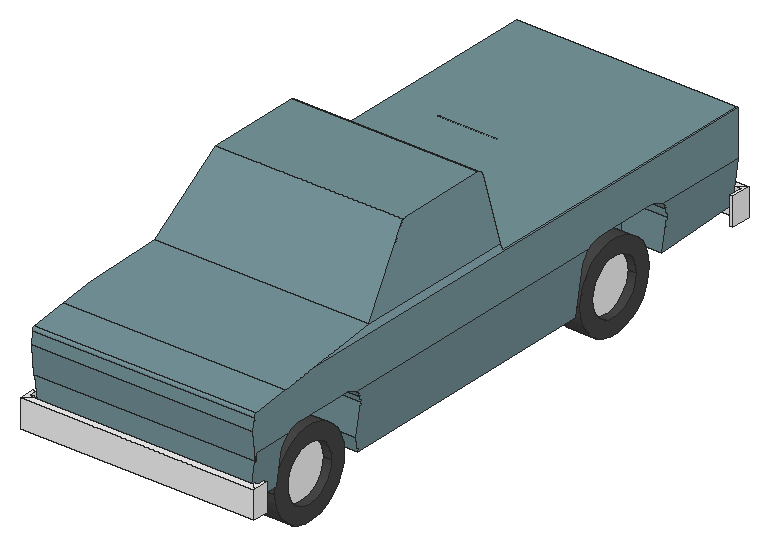
Revit family "8e496699f0a34fd984cbe1c76cda631c", category Site, Revit 2021
Family settings
  Round Connector Dimension = Use Diameter
  Part Type = Normal
  Seek Item ID = Truck - Pick-Up-0000-USA-ENU
  Work Plane-Based = No
  Always vertical = No
  Cut with Voids When Loaded = No
  Shared = No
Parameters (values of type "Pick-Up")
  Tires = Rubber - Black
  Material = Metal - Paint Finish - Blue, Sky
Reference planes (in)
  plane 1 "Center (Front/Back)": x = 1.26923
  plane 2: z = 0
  plane 3 "Center (Left/Right)": y = -1.26923
  plane 4: y = 118.73077
  plane 5 "3": y = -77.26923
  plane 6 "1": x = -17.23503
  plane 7 "2": x = 20.48331
  plane 8: z = 24.54164
Forms (in)
  Extrusion 1, solid, material "Metal - Paint Finish - Blue, Sky" <- "Material"
    sketch origin (1.26923, -264, 0) x (0, -1, 0) y (0, 0, 1)
      loop
        line (-382.73077, 18.91908) -> (-354.56572, 17.29913) -> (-354.56572, 27.99043) -> (-354.08819, 30.69865)
        arc (-354.08819, 30.69865) -> (-351.07213, 33.89144) -> (-346.81951, 34.98951) r 7.93042
        line (-346.81951, 34.98951) -> (-330.81951, 34.98951) -> (-327.57093, 34.84825)
        arc (-327.57093, 34.84825) -> (-324.10757, 34.22328) -> (-321.22252, 32.20784) r 8.22443
        line (-321.22252, 32.20784) -> (-319.88105, 29.52448) -> (-319.88105, 13.23951) -> (-231.57639, 13.23951) -> (-230.35236, 17.80766) -> (-230.35236, 28.80766) -> (-229.83472, 30.73951)
        arc (-229.83472, 30.73951) -> (-226.77473, 33.81763) -> (-222.50584, 34.60186) r 7.26525
        line (-222.50584, 34.60186) -> (-205.93659, 34.60186)
        arc (-205.93659, 34.60186) -> (-200.42623, 33.05475) -> (-197.74164, 28) r 7.27255
        line (-197.74164, 28) -> (-197.74164, 17.92879) -> (-187.15259, 17.92879) -> (-187.15259, 30.67879) -> (-186.21183, 39.62948) -> (-186.69931, 43.59967)
        arc (-186.69931, 43.59967) -> (-186.97068, 44.25481) -> (-187.62582, 44.52618) r 0.92651
        line (-187.62582, 44.52618) -> (-199.25573, 46.20182)
        arc (-199.25573, 46.20182) -> (-216.94257, 48.26581) -> (-234.71487, 49.37486) r 330.72541
        line (-234.71487, 49.37486) -> (-253.95077, 70) -> (-284.55587, 70)
        arc (-284.55587, 70) -> (-285.56925, 69.60592) -> (-286.05016, 68.63073) r 1.5
        line (-286.05016, 68.63073) -> (-287.85512, 48) -> (-382.73077, 48) -> (-382.73077, 18.91908)
    from 36 to -36
  Extrusion 2, solid, material "Rubber - Black" <- "Tires"
    sketch origin (-3.73077, -45, 40) x (0, -1, 0) y (0, 0, 1)
      loop
        circle (-118.73124, -26) r 14
      loop
        circle (4.90305, -26) r 14
      loop
        circle (4.90305, -26) r 9
      loop
        circle (-118.73124, -26) r 9
    from 19 to 27
  Extrusion 3, solid, material "Metal - Paint Finish - Blue, Sky"
    sketch origin (225, 219, 0) x (1, 0, 0) y (0, 1, 0)
      loop
        line (-242.23503, -128.43428) -> (-242.23503, -163.11895) -> (-204.51669, -163.11895) -> (-204.51669, -128.43428) -> (-242.23503, -128.43428)
    from 24.55223 to 23.46094
  Sweep 4, solid, material "Steel"
    path origin (225, 219, 0) x (1, 0, 0) y (0, 1, 0)
      loop
        line (-259.73077, -293.78817) -> (-259.73077, -296.78817) -> (-187.86909, -296.78817) -> (-187.86909, -293.78817)
    profile origin (0, -76.28817, 0) x (1, 0, 0) y (0, 0, 1)
      loop
        line (-34.73077, 15.54164) -> (-34.73077, 24.54164) -> (-36.73077, 24.54164) -> (-36.73077, 15.54164) -> (-34.73077, 15.54164)
  Sweep 5, solid, material "Steel"
    path origin (225, 219, 0) x (1, 0, 0) y (0, 1, 0)
      loop
        line (-259.73077, -104.70786) -> (-259.73077, -100.26923) -> (-187.86909, -100.26923) -> (-187.86909, -104.70786)
    profile origin (0, 116.51145, 0) x (-1, 0, 0) y (0, 0, 1)
      loop
        line (34.73077, 15.54164) -> (36.73077, 15.54164) -> (36.73077, 24.54164) -> (34.73077, 24.54164) -> (34.73077, 15.54164)
  Extrusion 6, solid, material "Metal - Paint Finish - Blue, Sky"
    sketch origin (20.48331, 0, 0) x (0, 1, 0) y (0, 0, 1)
      loop
        line (90.56572, 27.99043) -> (90.08819, 30.69865)
        arc (90.08819, 30.69865) -> (87.07213, 33.89144) -> (82.81951, 34.98951) r 7.93042
        line (82.81951, 34.98951) -> (66.81951, 34.98951) -> (63.57093, 34.84825)
        arc (63.57093, 34.84825) -> (60.10757, 34.22328) -> (57.22252, 32.20784) r 8.22443
        line (57.22252, 32.20784) -> (55.88105, 29.52448) -> (55.88105, 17.98951) -> (90.56572, 17.98951) -> (90.56572, 27.99043)
    from -39.57184 to -37.71875
  Extrusion 7, solid, material "Metal - Paint Finish - Blue, Sky"
    sketch origin (20.48331, 219, 0) x (0, 1, 0) y (0, 0, 1)
      loop
        line (-128.43428, 27.99043) -> (-128.91181, 30.69865)
        arc (-128.91181, 30.69865) -> (-131.92787, 33.89144) -> (-136.18049, 34.98951) r 7.93042
        line (-136.18049, 34.98951) -> (-152.18049, 34.98951) -> (-155.42907, 34.84825)
        arc (-155.42907, 34.84825) -> (-158.89243, 34.22328) -> (-161.77748, 32.20784) r 8.22443
        line (-161.77748, 32.20784) -> (-163.11895, 29.52448) -> (-163.11895, 17.98951) -> (-128.43428, 17.98951) -> (-128.43428, 27.99043)
    from 0 to 1.39062
  Extrusion 8, solid, material "Steel"
    sketch origin (20.48331, 0, 0) x (0, 1, 0) y (0, 0, 1)
      loop
        circle (73.73124, 14) r 9
      loop
        circle (-49.90305, 14) r 9
    from -48.24289 to -43.21094
  Extrusion 9, solid, material "Rubber - Black" <- "Tires"
    sketch origin (6.26923, -45, 40) x (0, -1, 0) y (0, 0, -1)
      loop
        circle (-118.73124, 26) r 14
      loop
        circle (4.90305, 26) r 14
      loop
        circle (4.90305, 26) r 9
      loop
        circle (-118.73124, 26) r 9
    from 19 to 27
  Extrusion 10, solid, material "Steel"
    sketch origin (-17.94485, 219, 0) x (0, 1, 0) y (0, 0, -1)
      loop
        circle (-145.26876, -14) r 9
      loop
        circle (-268.90305, -14) r 9
    from -48.24289 to -43.21094
  Extrusion 11, void
    sketch origin (0, -77.26923, 0) x (0, 0, 1) y (-1, 0, 0)
      loop
        line (70, 35.73077) -> (12.02091, 35.73077) -> (12.02091, 32.11967) -> (33.62912, 34.81457) -> (47.52314, 34.81457) -> (49.37486, 33.59067) -> (70, 28.96559) -> (70, 35.73077)
      loop
        line (70, -38.26923) -> (70, -31.50405) -> (49.37486, -36.12913) -> (47.52314, -37.35303) -> (33.62912, -37.35303) -> (12.02091, -34.65814) -> (12.02091, -38.26923) -> (70, -38.26923)
    from -196 to -0.42182
Cuts and joins
  Extrusion 11 cuts Extrusion 1
  Extrusion 11 cuts Extrusion 2
  Extrusion 11 cuts Extrusion 3
  Extrusion 11 cuts Sweep 4
  Extrusion 11 cuts Sweep 5
  Extrusion 11 cuts Extrusion 6
  Extrusion 11 cuts Extrusion 7
  Extrusion 11 cuts Extrusion 8
  Extrusion 11 cuts Extrusion 9
  Extrusion 11 cuts Extrusion 10
Lines and regions (in)
  Split face 1
    outline origin (-34.73077, -29.28513, 49.37486) x (1, 0, 0) y (0, 0.682049, 0.731307)
      loop
        line (6.59005, 26.02815) -> (2.50091, 1.33594) -> (69.50091, 1.33594) -> (65.59005, 26.02815) -> (6.59005, 26.02815)
  Split face 2
    outline origin (-33.59067, -76.84741, 49.37486) x (0.218811, 0, 0.975767) y (0, 1, 0)
      loop
        line (0.92389, 96.79381) -> (0.92389, 49.95223) -> (19.42389, 67.20376) -> (19.42389, 95.17527) -> (0.92389, 96.79381)
  Split face 3
    outline origin (31.50405, -76.84741, 70) x (0.218811, 0, -0.975767) y (0, 1, 0)
      loop
        line (1.6876, 95.19872) -> (1.6876, 67.20433) -> (20.1876, 49.9528) -> (20.1876, 96.81726) -> (1.6876, 95.19872)
  Split face 4
    outline origin (-34.73077, 22.05016, 68.63073) x (1, 0, 0) y (0, 0.087156, -0.996195)
      loop
        line (65.67147, 0.52448) -> (69.36101, 17.95124) -> (2.65934, 17.95124) -> (6.5748, 0.52448) -> (65.67147, 0.52448)
  symbolic lines, style "Logistics"
    curve 1: line (-19.08853, 90.08819, 0) -> (-31.59181, 90.08819, 0)
    curve 2: line (-19.08853, 57.22252, 0) -> (-31.59181, 57.22252, 0)
    curve 3: line (-19.08853, 57.22252, 0) -> (-19.08853, 90.08819, 0)
    curve 4: line (-31.59181, 23.85512, 0) -> (-31.59181, 117.23077, 0)
    curve 5: line (34.13027, 117.23077, 0) -> (-31.59181, 117.23077, 0)
    curve 6: line (21.62699, 90.08819, 0) -> (34.13027, 90.08819, 0)
    curve 7: line (21.62699, 57.22252, 0) -> (34.13027, 57.22252, 0)
    curve 8: line (21.62699, 57.22252, 0) -> (21.62699, 90.08819, 0)
    curve 9: line (34.13027, 23.85512, 0) -> (34.13027, 117.23077, 0)
